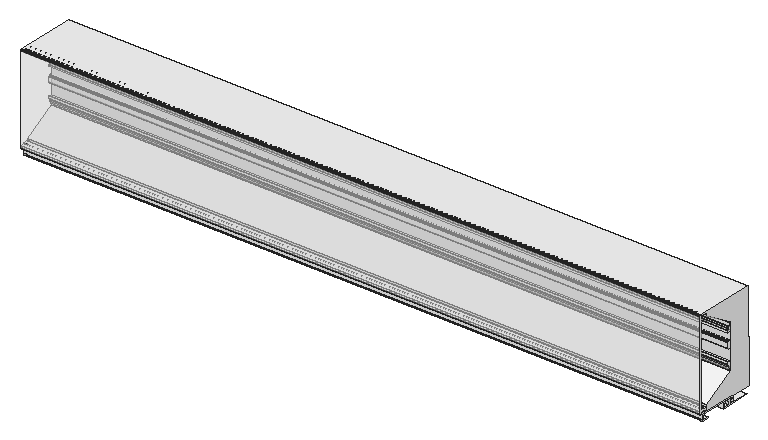
Revit family "6L-WS-D_AR", category Lighting Fixtures, host Face, Revit 2014
Parameters (values of type "6L-WS-D-4-SOF")
  Width = 6.750"  # constant formula
  Wattage = 34 W
  Warranty = "5-Years Warranty"  # constant formula
  built-in parameter 1150110 = 1 (stored number, unit not read)
  Voltage = 120 V
  Type Comments = "Lighting Fixture"  # constant formula
  built-in parameter 1114217 = 1 (stored number, unit not read)
  Tilt Angle = 90.00°
  built-in parameter 1150109 = 1 (stored number, unit not read)
  built-in parameter 1150134 = (empty or 0)
  built-in parameter 1150113 = 1 (stored number, unit not read)
  Starting Length = (Row Length / 2) * -1  # -24.000"
  Power Factor = 1
  Photometric Web File = "6L-WSx-D-4-SOF-X-CX-35K-D035.ies"
  Photometric Notes = "More IES files download on Photometric Link"  # constant formula
  Row Length = 48.000"
  Wattage Comments = "18W"
  URL = "https://www.hubbell.com/litecontrol/en/"
  Mounting = "Perimeter"  # constant formula
  Model = "MOD™ 6 LED Perimeter Wall/Slot® Direct"  # constant formula
  Manufacturer = "Litecontrol Lighting"  # constant formula
  built-in parameter 1150105 = 265.15 (stored number, unit not read)
  Lumens = 3332 lm
  built-in parameter 1150115 = 1 (stored number, unit not read)
  Load Classification = Lighting
  built-in parameter 1150137 = (empty or 0)
  built-in parameter 1150139 = (empty or 0)
  built-in parameter 1150112 = 1 (stored number, unit not read)
  built-in parameter 1150114 = 1 (stored number, unit not read)
  Lamp = "LED"  # constant formula
  built-in parameter 1150132 = (empty or 0)
  built-in parameter 1150102 = (empty or 0)
  built-in parameter 1150107 = 3500 (stored number, unit not read)
  built-in parameter 1150138 = (empty or 0)
  built-in parameter 1150106 = 2.6515 (stored number, unit not read)
  Height = 10.500"  # constant formula
  Glass = Paint - Hubbell - Textured Matte White
  Fixture Distribution = "Direct/Asymmetric Direct"  # constant formula
  Features = "Variable Intensity technology provides specifiable\r\nlumen output/wattage\r\n• End cap design eliminates visible diffuser seams/gaps\r\n• 2 SDCM color variation"  # constant formula
  Ending Length = (Row Length / 2)  # 24.000"
  Emit from Rectangle Width = Row Length - 1.000"  # 47.000"
  Emit from Rectangle Length = Width - 1.000"  # 5.750"
  Emit Shape Visible in Rendering = no
  built-in parameter 1150104 = 9.1045 (stored number, unit not read)
  Dimming Lamp Color Temperature Shift = <None>
  Description = "MOD™ 6 LED Perimeter Wall/Slot® Direct"  # constant formula
  Depth = 4.315"  # constant formula
  Default Elevation = 48.000"
  Create Date = "02/21/2019"  # constant formula
  Copyright = "Copyright © 2019 Litecontrol"  # constant formula
  Contact Us = "https://www.hubbell.com/hubbelllightingci/en/contactUS"
  Color Filter = 16777215
  Circuiting = "1Circuit"  # constant formula
  Bulb = Glass - Hubbell - White
  built-in parameter 1114218 = 1 (stored number, unit not read)
  Housing Material = Paint - Hubbell - Matte White
  built-in parameter 1150133 = 10 (stored number, unit not read)
  Assembly Code = "D5020200"
  Application = "Commercial Indoor,Institutional,Retail,Education,Healthcare,Library,Office,Perimeter Lighting,Public Space"  # constant formula
  Apparent Load = 0 VA
Reference planes (in)
  plane 1 "Center (Front/Back)": y = 13.01342
  plane 2: z = 0
  plane 3 "Center (Left/Right)": x = 0
  plane 4: x = -24
  plane 5: x = 24
  plane 6: z = 6.75
  plane 7: z = 0.625
  plane 8: y = 15.17092
  plane 9: y = 10.85592
Forms (in)
  Extrusion 1, solid, material "Paint - Hubbell - Matte White" <- "Housing Material"
    sketch origin (0, 0, 0) x (0, 1, 0) y (0, 0, 1)
      loop
        line (15.17092, 6.75) -> (10.98862, 6.75) -> (10.98862, 6.70757) -> (11.50425, 6.70757) -> (11.50425, 6.46314) -> (13.62603, 5.17376) -> (13.62603, 2.05089) -> (11.51813, 0.8339) -> (11.50425, 0.51658) -> (11.00425, 0.51658) -> (11.00425, 0.4429) -> (15.17092, 0.4429) -> (15.17092, 6.75)
      loop
        line (10.85592, 6.70757) -> (10.85592, 0.51658) -> (10.94177, 0.51658) -> (10.94177, 0.58385) -> (11.21943, 0.66874)
        spline (11.21943, 0.66874) -> (11.26023, 0.62829) -> (11.28779, 0.60319) -> (11.30761, 0.59002) -> (11.32501, 0.58544) -> (11.34183, 0.5873) -> (11.35697, 0.59445) -> (11.36939, 0.60581) -> (11.3796, 0.621) -> (11.38928, 0.64008) -> (11.4, 0.66316) -> (11.4115, 0.6906) -> (11.422, 0.72299)
        arc (11.422, 0.72299) -> (11.40911, 0.74044) -> (11.38805, 0.73528) r 0.01957
        spline (11.38805, 0.73528) -> (11.32246, 0.67336) -> (11.29061, 0.66677) -> (11.27382, 0.68408) -> (11.2588, 0.70279) -> (11.24203, 0.71662) -> (11.22116, 0.72203) -> (11.19426, 0.71976) -> (11.15957, 0.71163) -> (11.11537, 0.69949) -> (11.06316, 0.68506) -> (11.00841, 0.66992) -> (10.95684, 0.65567)
        line (10.95684, 0.65567) -> (10.95684, 6.56848)
        spline (10.95684, 6.56848) -> (11.00841, 6.55422) -> (11.06316, 6.53909) -> (11.11537, 6.52465) -> (11.15957, 6.51251) -> (11.19426, 6.50439) -> (11.22116, 6.50212) -> (11.24203, 6.50752) -> (11.2588, 6.52136) -> (11.27382, 6.54007) -> (11.29061, 6.55737) -> (11.32246, 6.55079) -> (11.38805, 6.48886)
        arc (11.38805, 6.48886) -> (11.40911, 6.48371) -> (11.422, 6.50115) r 0.01957
        spline (11.422, 6.50115) -> (11.4115, 6.53355) -> (11.4, 6.56099) -> (11.38928, 6.58406) -> (11.3796, 6.60314) -> (11.36939, 6.61833) -> (11.35697, 6.6297) -> (11.34183, 6.63685) -> (11.32501, 6.63871) -> (11.30761, 6.63413) -> (11.28779, 6.62096) -> (11.26023, 6.59585) -> (11.21943, 6.5554)
        line (11.21943, 6.5554) -> (10.94177, 6.64029) -> (10.94177, 6.70757) -> (10.85592, 6.70757)
    from 24 <- "Ending Length" to -24 <- "Starting Length"
  Extrusion 2, solid, material "Paint - Hubbell - Matte White" <- "Housing Material"
    sketch origin (0, 0, 0) x (0, 1, 0) y (0, 0, 1)
      loop
        line (13.73893, 0.28651) -> (13.73893, 0.34654) -> (13.38127, 0.34654) -> (13.38127, 0.27501) -> (13.45408, 0.27501) -> (13.45408, 0.02465) -> (13.02871, 0.02465) -> (13.02871, 0.27501) -> (13.08619, 0.27501) -> (13.08619, 0.34654) -> (12.97634, 0.34654) -> (12.97634, -0.03056) -> (15.04379, -0.03056) -> (15.04379, 0.02465) -> (13.93692, 0.02465) -> (13.51539, 0.02465) -> (13.51539, 0.28651) -> (13.73893, 0.28651)
      loop
        line (13.74304, 0.18665) -> (13.57032, 0.18665) -> (13.57032, 0.13067) -> (13.73382, 0.13067)
        arc (13.73382, 0.13067) -> (13.79795, 0.15723) -> (13.82452, 0.22136) r 0.09069
        line (13.82452, 0.22136) -> (13.82452, 0.35165)
        arc (13.82452, 0.35165) -> (13.79795, 0.41578) -> (13.73382, 0.44235) r 0.09069
        line (13.73382, 0.44235) -> (11.22067, 0.44235)
        arc (11.22067, 0.44235) -> (11.16246, 0.42121) -> (11.13139, 0.36764) r 0.09069
        line (11.13139, 0.36764) -> (11.13139, 0.06165)
        arc (11.13139, 0.06165) -> (11.16246, 0.00808) -> (11.22067, -0.01306) r 0.09069
        line (11.22067, -0.01306) -> (11.61675, -0.01306) -> (11.61675, 0.04077) -> (11.21199, 0.04077)
        arc (11.21199, 0.04077) -> (11.18887, 0.05035) -> (11.17929, 0.07347) r 0.03269
        line (11.17929, 0.07347) -> (11.17929, 0.35582)
        arc (11.17929, 0.35582) -> (11.18887, 0.37894) -> (11.21199, 0.38852) r 0.03269
        line (11.21199, 0.38852) -> (13.74218, 0.38852)
        arc (13.74218, 0.38852) -> (13.76741, 0.37807) -> (13.77786, 0.35283) r 0.03568
        line (13.77786, 0.35283) -> (13.77786, 0.22147)
        arc (13.77786, 0.22147) -> (13.76766, 0.19685) -> (13.74304, 0.18665) r 0.03482
    from -24 <- "Starting Length" to 24 <- "Ending Length"
  Extrusion 3, solid, material "Glass - Hubbell - White" <- "Bulb"
    sketch origin (0, 0.75, 0.0625) x (0, 1, 0) y (0, 0, 1)
      loop
        line (12.88143, 3.98858) -> (12.73346, 3.98858) -> (12.73346, 3.88733) -> (12.60632, 3.88733) -> (12.60632, 3.49495) -> (12.73346, 3.49495) -> (12.73346, 3.37537) -> (12.88143, 3.37537) -> (12.88143, 3.98858)
      loop
        line (12.8715, 5.07854) -> (12.78341, 5.07854) -> (12.78341, 4.86528) -> (12.68644, 4.86528) -> (12.68644, 4.73794) -> (12.61956, 4.67106) -> (12.61956, 4.48711) -> (12.8715, 4.51804) -> (12.8715, 5.07854)
      loop
        line (12.8715, 2.08229) -> (12.8715, 2.64279) -> (12.61956, 2.67372) -> (12.61956, 2.48977) -> (12.68644, 2.42289) -> (12.68644, 2.29555) -> (12.78341, 2.29555) -> (12.78341, 2.08229) -> (12.8715, 2.08229)
    from -24 <- "Starting Length" to 24 <- "Ending Length"
Dimensions and locks (in)
  "Row Length": plane 5 to plane 4
  equal spacing: plane 5, plane 3 "Center (Left/Right)", plane 4
  "Width": plane 6 to plane 2
  plane 6 to plane 2 = 6.750"
  plane 6 to host face = 6.750"
  "Depth": plane 8 to plane 9
  equal spacing: plane 8, plane 1 "Center (Front/Back)", plane 9
  aligned and locked: plane 2 to host face
  aligned and locked: level to host face
  aligned and locked: imposter light to plane 3 "Center (Left/Right)"
  aligned and locked: plane 9 to imposter light
Automatic sketch dimensions
  host sketch curve to host sketch curve = 96.000"  (x2)
  Extrusion 2 sketch curve to level = 0.03056"
  Extrusion 2 sketch curve to plane 9 = 0.27547"
  Extrusion 2 sketch curve to Extrusion 2 sketch curve = 0.0479"
  Extrusion 2 sketch curve to Extrusion 2 sketch curve = 0.03269"  (x2)
  Extrusion 2 sketch curve to level = 0.01306"
  Extrusion 2 sketch curve to Extrusion 2 sketch curve = 0.00868"  (x2)
  Extrusion 2 sketch curve to Extrusion 2 sketch curve = 0.39608"
  plane 1 "Center (Front/Back)" to Extrusion 2 sketch curve = 0.03708"
  Extrusion 2 sketch curve to plane 1 "Center (Front/Back)" = 0.01529"
  Extrusion 2 sketch curve to plane 1 "Center (Front/Back)" = 0.07277"
  Extrusion 2 sketch curve to Extrusion 2 sketch curve = 0.29507"
  Extrusion 2 sketch curve to Extrusion 2 sketch curve = 0.07281"
  Extrusion 2 sketch curve to Extrusion 2 sketch curve = 0.06131"
  Extrusion 2 sketch curve to Extrusion 2 sketch curve = 0.05493"
  Extrusion 2 sketch curve to Extrusion 2 sketch curve = 0.21843"
  Extrusion 2 sketch curve to Extrusion 2 sketch curve = 0.000"  (x3)
  Extrusion 2 sketch curve to Extrusion 2 sketch curve = 0.00511"  (x2)
  Extrusion 2 sketch curve to Extrusion 2 sketch curve = 0.00325"
  Extrusion 2 sketch curve to Extrusion 2 sketch curve = 0.00922"
  Extrusion 2 sketch curve to Extrusion 2 sketch curve = 0.03568"
  Extrusion 2 sketch curve to Extrusion 2 sketch curve = 0.04665"
  level to Extrusion 2 sketch curve = 0.02465"  (x2)
  Extrusion 2 sketch curve to Extrusion 2 sketch curve = 0.11241"
  plane 8 to Extrusion 2 sketch curve = 0.12713"
  level to Extrusion 2 sketch curve = 0.04077"
  Extrusion 2 sketch curve to Extrusion 2 sketch curve = 0.01181"
  level to Extrusion 2 sketch curve = 0.13067"
  Extrusion 2 sketch curve to Extrusion 2 sketch curve = 0.05598"
  Extrusion 2 sketch curve to Extrusion 2 sketch curve = 0.25037"
  Extrusion 2 sketch curve to Extrusion 2 sketch curve = 0.08836"
  Extrusion 2 sketch curve to Extrusion 2 sketch curve = 0.0115"
  Extrusion 2 sketch curve to Extrusion 2 sketch curve = 0.07153"  (x2)
  Extrusion 2 sketch curve to Extrusion 2 sketch curve = 0.09069"
  Extrusion 2 sketch curve to Extrusion 2 sketch curve = 0.00629"
  Extrusion 1 sketch curve to plane 9 = 0.000"
  Extrusion 1 sketch curve to plane 6 = 0.000"
  Extrusion 1 sketch curve to plane 8 = 0.000"
  Extrusion 1 sketch curve to plane 9 = 0.08585"
  Extrusion 1 sketch curve to Extrusion 1 sketch curve = 0.08585"
  plane 7 to Extrusion 1 sketch curve = 0.03067"
  Extrusion 1 sketch curve to Extrusion 1 sketch curve = 0.01507"
  Extrusion 1 sketch curve to Extrusion 1 sketch curve = 0.04685"
  Extrusion 1 sketch curve to Extrusion 1 sketch curve = 0.06248"
  Extrusion 1 sketch curve to Extrusion 1 sketch curve = 0.2626"  (x2)
  plane 7 to Extrusion 1 sketch curve = 0.04374"
  plane 7 to Extrusion 1 sketch curve = 0.11028"
  Extrusion 1 sketch curve to Extrusion 1 sketch curve = 0.16862"  (x2)
  Extrusion 1 sketch curve to plane 6 = 0.26114"
  Extrusion 1 sketch curve to Extrusion 1 sketch curve = 0.01441"  (x2)
  Extrusion 1 sketch curve to plane 6 = 0.24885"
  Extrusion 1 sketch curve to Extrusion 1 sketch curve = 0.01954"  (x2)
  plane 7 to Extrusion 1 sketch curve = 0.09799"
  Extrusion 1 sketch curve to plane 6 = 0.28686"
  Extrusion 1 sketch curve to Extrusion 1 sketch curve = 0.08225"  (x2)
  Extrusion 1 sketch curve to plane 7 = 0.10842"  (x2)
  Extrusion 1 sketch curve to plane 1 "Center (Front/Back)" = 0.61261"
  Extrusion 1 sketch curve to Extrusion 1 sketch curve = 0.07368"
  Extrusion 1 sketch curve to plane 7 = 0.04115"
  plane 7 to Extrusion 1 sketch curve = 1.42589"
  Extrusion 1 sketch curve to plane 6 = 1.57624"
  Extrusion 1 sketch curve to Extrusion 1 sketch curve = 0.06654"
  Extrusion 1 sketch curve to plane 6 = 0.18152"
  Extrusion 1 sketch curve to Extrusion 1 sketch curve = 0.07181"
  Extrusion 1 sketch curve to plane 6 = 0.04243"  (x2)
  Extrusion 1 sketch curve to Extrusion 1 sketch curve = 0.09612"
  Extrusion 1 sketch curve to Extrusion 1 sketch curve = 0.1109"
  Extrusion 3 sketch curve to plane 1 "Center (Front/Back)" = 0.3429"
  Extrusion 3 sketch curve to plane 1 "Center (Front/Back)" = 0.35614"  (x2)
  Extrusion 3 sketch curve to Extrusion 3 sketch curve = 0.12714"  (x2)
  Extrusion 3 sketch curve to Extrusion 3 sketch curve = 0.06688"  (x4)
  Extrusion 3 sketch curve to Extrusion 3 sketch curve = 0.09697"  (x2)
  Extrusion 3 sketch curve to Extrusion 3 sketch curve = 0.25194"
  Extrusion 3 sketch curve to Extrusion 3 sketch curve = 0.08809"
  Extrusion 3 sketch curve to Extrusion 3 sketch curve = 0.14797"
  plane 7 to Extrusion 3 sketch curve = 1.51979"
  Extrusion 3 sketch curve to Extrusion 3 sketch curve = 0.21326"  (x2)
  Extrusion 3 sketch curve to Extrusion 3 sketch curve = 0.12734"  (x2)
  Extrusion 3 sketch curve to Extrusion 3 sketch curve = 0.2199"
  Extrusion 3 sketch curve to Extrusion 3 sketch curve = 0.18395"  (x2)
  Extrusion 3 sketch curve to Extrusion 3 sketch curve = 0.73259"
  Extrusion 3 sketch curve to Extrusion 3 sketch curve = 0.11957"
  Extrusion 3 sketch curve to Extrusion 3 sketch curve = 0.39238"
  Extrusion 3 sketch curve to Extrusion 3 sketch curve = 0.10125"
  Extrusion 3 sketch curve to Extrusion 3 sketch curve = 0.49853"
  Extrusion 3 sketch curve to Extrusion 3 sketch curve = 0.03093"
Connectors (in)
  electrical at (0, 13.07977, 6.75)
    settings: on Extrusion 1, index 1, voltage 120 V, apparent load 0 VA, apparent load phase1 0 VA, apparent load phase2 0 VA, apparent load phase3 0 VA, power factor 1, load classification "Other", number of poles 1, system type 30, power factor state 1, is connector primary yes, connector utility no, sub classification motor no, connector description "Lighting Connector"
